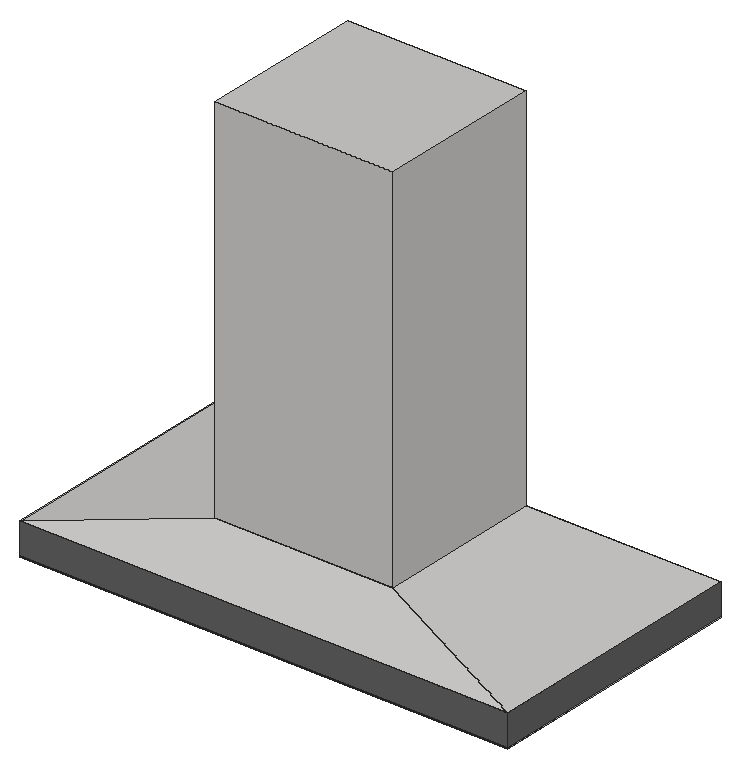
Revit family "P190780JX-165c_JXI8536HS_StainlessSteel_JA_Cooking_Ventilation", category Specialty Equipment, Revit 2022
Family settings
  Round Connector Dimension = Use Diameter
  Part Type = Normal
  Work Plane-Based = No
  Always vertical = Yes
  Cut with Voids When Loaded = No
  Maintain Annotation Orientation = No
  Shared = No
  Room Calculation Point = No
Parameters (values of type "JXI8536HS")
  Width = 36"
  Voltage = 0 V
  URL = ""
  Model = "JXI8536HS"
  Feature 3 = "Perimetric Extraction\r\nPerimetric Extraction"
  Feature 2 = "600 CFM Blower\r\nVentilateur de 600 pi³/min"
  Feature 1 = "78,000 BTU Rating\r\nPuissance de 78 000 BTU"
  Family Name = "ISLAND HOODS - 36\""
  Energy Guide = ""
  Manufacturer = "Jenn Air"
  Keynote = ""
  Installation-Fabrication = "http://access.whirlpool.com/mr/getMediaType.do?mediaType=Installation Instruction&sku=JXI8536HS&language=EN\r\nhttp://access.whirlpool.com/mr/getMediaType.do?mediaType=Installation Instruction&sku=JXI8536HS&language=EN"
  Height = 5"
  Drawn By = ""
  Dimension Guide = ""
  Description = "Lustre Stainless 36\" Pyramid Style Island Mount Canopy Hood\r\nHotte de style pyramidal montée sur îlot en acier lustré, 36 po"
  Depth = 19 11/16"
  Default Elevation = 0"
  Copyright = ""
  Body Material = ARCAT - Metal - Steel - Stainless
  Assembly Code = ""
  Amps = 0 A
  Accent Material = ARCAT - Metal - Steel - Gray
Reference planes (in)
  plane 1 "Center (Front/Back)": y = 0
  plane 2: z = 0
  plane 3 "Center (Left/Right)": x = 0
  plane 4: x = -18
  plane 5: x = 18
  plane 6: y = -19.6875
  plane 7: z = 5
Forms (in)
  Extrusion 1, solid, material "ARCAT - Metal - Steel - Stainless" <- "Body Material"
    sketch origin (-1.9375, -3.1, 3.875) x (0, 0, -1) y (-1, 0, 0)
      loop
        circle (1.9375, -4.5625) r 0.25
    from 0 to 0.03125
  Extrusion 2, solid, material "ARCAT - Metal - Steel - Stainless" <- "Body Material"
    sketch origin (65.34541, 0, 5.0625) x (1, 0, 0) y (0, 1, 0)
      loop
        line (-71.93916, -3.71875) -> (-71.93916, -15.96875) -> (-58.75166, -15.96875) -> (-58.75166, -3.71875) -> (-71.93916, -3.71875)
      loop
        line (-71.68916, -3.96875) -> (-71.68916, -15.71875) -> (-59.00166, -15.71875) -> (-59.00166, -3.96875) -> (-71.68916, -3.96875)
    from -0.0625 to 27.1875
  Extrusion 3, solid, material "ARCAT - Metal - Steel - Stainless" <- "Body Material"
    sketch origin (0, 0, 0) x (1, 0, 0) y (0, 1, 0)
      loop
        line (18, 0) -> (-18, 0) -> (-18, -19.6875) -> (18, -19.6875) -> (18, 0)
      loop
        line (-17, -1) -> (-17, -18.6875) -> (17, -18.6875) -> (17, -1) -> (-17, -1)
    from 0 to 0.0625
  Extrusion 4, solid, material "ARCAT - Metal - Steel - Gray" <- "Accent Material"
    sketch origin (-1.83203, 1.52344, 0) x (-1, 0, 0) y (0, -1, 0)
      loop
        line (-12.51908, 18.23762) -> (-14.51908, 18.23762) -> (-14.51908, 17.63762) -> (-12.51908, 17.63762) -> (-12.51908, 18.23762)
      loop
        line (8.91752, 18.23762) -> (8.91752, 17.63762) -> (10.91752, 17.63762) -> (10.91752, 18.23762) -> (8.91752, 18.23762)
      loop
        line (8.84721, 18.30793) -> (8.84721, 17.56731) -> (10.98783, 17.56731) -> (10.98783, 18.30793) -> (8.84721, 18.30793)
      loop
        line (-12.44877, 18.30793) -> (-14.5894, 18.30793) -> (-14.5894, 17.56731) -> (-12.44877, 17.56731) -> (-12.44877, 18.30793)
    from 0 to -0.03125
  Extrusion 5, solid, material "ARCAT - Metal - Steel - Stainless" <- "Body Material"
    sketch origin (0, 0, 2.375) x (1, 0, 0) y (0, 1, 0)
      loop
        line (-18, 0) -> (-18, -19.6875) -> (18, -19.6875) -> (18, 0) -> (-18, 0)
    from 0 to -0.25
  Extrusion 6, solid, material "ARCAT - Metal - Steel - Stainless" <- "Body Material"
    sketch origin (0, -0.25, 0) x (0, 1, 0) y (1, 0, 0)
      loop
        line (-13.9375, 17.75) -> (-18.4375, 17.75) -> (-18.4375, -17.75) -> (-13.9375, -17.75) -> (-13.9375, 17.75)
      loop
        line (-5.25, 17.75) -> (-5.25, -17.75) -> (-0.75, -17.75) -> (-0.75, 17.75) -> (-5.25, 17.75)
    from -0.0625 to -2.125
  Extrusion 7, solid, material "ARCAT - Metal - Steel - Stainless" <- "Body Material"
    sketch origin (18.22154, 0, 0.12186) x (-1, 0, 0) y (0, 0, 1)
      loop
        circle (18.22154, 0.8806) r 0.25
    from 0 to 0.03125
  Blend 8, solid, material "ARCAT - Metal - Steel - Stainless" <- "Body Material"
    base sketch origin (0, -20, 2.375) x (1, 0, 0) y (0, 1, 0)
      loop
        line (-18, 0.3125) -> (18, 0.3125) -> (18, 20) -> (-18, 20) -> (-18, 0.3125)
    top sketch origin (0, -20, 2.375) x (1, 0, 0) y (0, 1, 0)
      loop
        line (6.59375, 16.28125) -> (-6.59375, 16.28125) -> (-6.59375, 4.03125) -> (6.59375, 4.03125) -> (6.59375, 16.28125)
    from 0 to 2.625
  Extrusion 9, void
    sketch origin (0, 0.25, 0.0625) x (0, 1, 0) y (-1, 0, 0)
      loop
        line (-16.36418, 10.74955) -> (-16.36418, 12.74955) -> (-16.96418, 12.74955) -> (-16.96418, 10.74955) -> (-16.36418, 10.74955)
      loop
        line (-16.36418, -12.68705) -> (-16.36418, -10.68705) -> (-16.96418, -10.68705) -> (-16.96418, -12.68705) -> (-16.36418, -12.68705)
    from 0 to 0.14678
  Extrusion 10, solid, material "ARCAT - Metal - Steel - Stainless" <- "Body Material"
    sketch origin (0, 0, 0.0625) x (1, 0, 0) y (0, 1, 0)
      loop
        line (-18, -19.6875) -> (18, -19.6875) -> (18, 0) -> (-18, 0) -> (-18, -19.6875)
      loop
        line (-17.75, -19.4375) -> (17.75, -19.4375) -> (17.75, -0.25) -> (-17.75, -0.25) -> (-17.75, -19.4375)
    from 0 to 2.0625
  Extrusion 11, solid, material "ARCAT - Metal - Steel - Gray" <- "Accent Material"
    sketch origin (0, -0.25, 0.0625) x (-1, 0, 0) y (0, 1, 0)
      loop
        line (16.30078, -13.23828) -> (16.30078, -5.94922) -> (-16.30078, -5.94922) -> (-16.30078, -13.23828) -> (16.30078, -13.23828)
    from 0 to -0.25
  Extrusion 12, solid, material "ARCAT - Metal - Steel - Gray" <- "Accent Material"
    sketch origin (-17.75, -0.1875, 0.0625) x (0, -1, 0) y (0, 0, -1)
      loop
        circle (12.29996, -1.02685) r 0.13038
      loop
        circle (5.63754, -1.02685) r 0.13038
    from 0 to 0.03125
  Extrusion 13, solid, material "ARCAT - Metal - Steel - Gray" <- "Accent Material"
    sketch origin (-1.83203, -21.21094, 0) x (-1, 0, 0) y (0, -1, 0)
      loop
        line (-12.51908, -18.23762) -> (-12.51908, -17.63762) -> (-14.51908, -17.63762) -> (-14.51908, -18.23762) -> (-12.51908, -18.23762)
      loop
        line (8.91752, -18.23762) -> (10.91752, -18.23762) -> (10.91752, -17.63762) -> (8.91752, -17.63762) -> (8.91752, -18.23762)
      loop
        line (8.84721, -18.30793) -> (10.98783, -18.30793) -> (10.98783, -17.56731) -> (8.84721, -17.56731) -> (8.84721, -18.30793)
      loop
        line (-12.44877, -18.30793) -> (-12.44877, -17.56731) -> (-14.5894, -17.56731) -> (-14.5894, -18.30793) -> (-12.44877, -18.30793)
    from 0 to -0.03125
  Extrusion 14, void
    sketch origin (0, -19.9375, 0.0625) x (0, -1, 0) y (1, 0, 0)
      loop
        line (-16.36418, -10.74955) -> (-16.96418, -10.74955) -> (-16.96418, -12.74955) -> (-16.36418, -12.74955) -> (-16.36418, -10.74955)
      loop
        line (-16.36418, 12.68705) -> (-16.96418, 12.68705) -> (-16.96418, 10.68705) -> (-16.36418, 10.68705) -> (-16.36418, 12.68705)
    from 0 to 0.14678
  Extrusion 15, solid, material "ARCAT - Metal - Steel - Gray" <- "Accent Material"
    sketch origin (17.75, -19.625, -0.03125) x (0, 1, 0) y (0, 0, -1)
      loop
        circle (7.13754, -1.1206) r 0.13038
      loop
        circle (13.79996, -1.1206) r 0.13038
    from 0 to 0.03125
  Extrusion 16, solid, material "ARCAT - Metal - Steel - Stainless" <- "Body Material"
    sketch origin (65.34541, 0, 32.25) x (1, 0, 0) y (0, 1, 0)
      loop
        line (-71.93916, -3.71875) -> (-71.93916, -15.96875) -> (-58.75166, -15.96875) -> (-58.75166, -3.71875) -> (-71.93916, -3.71875)
    from 0 to 0.25
Cuts and joins
  Extrusion 14 cuts Extrusion 5
  Extrusion 9, Extrusion 14 cuts Extrusion 6
  Extrusion 14 cuts Extrusion 10
  joined: Extrusion 5, Extrusion 6, Extrusion 10
  joined: Extrusion 2, Extrusion 16
Lines and regions (in)
  symbolic lines, style "SpecialityEquipment"
    curve 1: line (-18, 0, 0) -> (18, 0, 0)
    curve 2: line (-18, -19.6875, 0) -> (-18, 0, 0)
    curve 3: line (18, -19.6875, 0) -> (-18, -19.6875, 0)
    curve 4: line (18, 0, 0) -> (18, -19.6875, 0)
    curve 5: line (-6.59375, -3.71875, 26) -> (6.59375, -3.71875, 26)
    curve 6: line (-6.59375, -15.96875, 26) -> (-6.59375, -3.71875, 26)
    curve 7: line (6.59375, -15.96875, 26) -> (-6.59375, -15.96875, 26)
    curve 8: line (6.59375, -3.71875, 26) -> (6.59375, -15.96875, 26)
  model lines, style "Display button"
    curve 9: line (-0.90625, -19.6875, 1.47891) -> (-0.14967, -19.6875, 1.47891)
    curve 10: line (-0.90625, -19.6875, 0.98552) -> (-0.90625, -19.6875, 1.47891)
    curve 11: line (-0.14967, -19.6875, 0.98552) -> (-0.90625, -19.6875, 0.98552)
    curve 12: line (-0.14967, -19.6875, 1.47891) -> (-0.14967, -19.6875, 0.98552)
    curve 13: line (-1.92746, -19.6875, 1.47891) -> (-1.17087, -19.6875, 1.47891)
    curve 14: line (-1.92746, -19.6875, 0.98552) -> (-1.92746, -19.6875, 1.47891)
    curve 15: line (-1.17087, -19.6875, 0.98552) -> (-1.92746, -19.6875, 0.98552)
    curve 16: line (-1.17087, -19.6875, 1.47891) -> (-1.17087, -19.6875, 0.98552)
    curve 17: line (-2.94866, -19.6875, 1.47891) -> (-2.19208, -19.6875, 1.47891)
    curve 18: line (-2.94866, -19.6875, 0.98552) -> (-2.94866, -19.6875, 1.47891)
    curve 19: line (-2.19208, -19.6875, 0.98552) -> (-2.94866, -19.6875, 0.98552)
    curve 20: line (-2.19208, -19.6875, 1.47891) -> (-2.19208, -19.6875, 0.98552)
    curve 21: line (0.90625, -19.6875, 1.47891) -> (0.14967, -19.6875, 1.47891)
    curve 22: line (0.90625, -19.6875, 0.98552) -> (0.90625, -19.6875, 1.47891)
    curve 23: line (0.14967, -19.6875, 0.98552) -> (0.90625, -19.6875, 0.98552)
    curve 24: line (0.14967, -19.6875, 1.47891) -> (0.14967, -19.6875, 0.98552)
    curve 25: line (1.92746, -19.6875, 1.47891) -> (1.17087, -19.6875, 1.47891)
    curve 26: line (1.92746, -19.6875, 0.98552) -> (1.92746, -19.6875, 1.47891)
    curve 27: line (1.17087, -19.6875, 0.98552) -> (1.92746, -19.6875, 0.98552)
    curve 28: line (1.17087, -19.6875, 1.47891) -> (1.17087, -19.6875, 0.98552)
    curve 29: line (2.94866, -19.6875, 1.47891) -> (2.19208, -19.6875, 1.47891)
    curve 30: line (2.94866, -19.6875, 0.98552) -> (2.94866, -19.6875, 1.47891)
    curve 31: line (2.19208, -19.6875, 0.98552) -> (2.94866, -19.6875, 0.98552)
    curve 32: line (2.19208, -19.6875, 1.47891) -> (2.19208, -19.6875, 0.98552)
Dimensions and locks (in)
  "Depth": plane 6 to plane 1 "Center (Front/Back)"
  "Width": plane 4 to plane 5
  equal spacing: plane 4, plane 3 "Center (Left/Right)", plane 5
  "Height": plane 7 to plane 2
  aligned and locked: plane 2 to level
Automatic sketch dimensions
  level to Extrusion 1 sketch curve = 1 15/16"
  plane 3 "Center (Left/Right)" to Extrusion 1 sketch curve = 2 5/8"
  curve 3 to plane 4 = 0"
  curve 3 to plane 5 = 0"
  plane 6 to curve 3 = 0"
  plane 1 "Center (Front/Back)" to curve 2 = 0"
  plane 1 "Center (Front/Back)" to Extrusion 3 sketch curve = 0"
  Extrusion 3 sketch curve to plane 4 = 0"
  Extrusion 3 sketch curve to plane 5 = 0"
  plane 6 to Extrusion 3 sketch curve = 0"
  plane 4 to Extrusion 3 sketch curve = 1"
  Extrusion 3 sketch curve to plane 5 = 1"
  Extrusion 3 sketch curve to plane 6 = 1"
  plane 1 "Center (Front/Back)" to Extrusion 3 sketch curve = 1"
  Extrusion 4 sketch curve to plane 5 = 5.24264"
  Extrusion 4 sketch curve to Extrusion 4 sketch curve = 9/128"  (x8)
  Extrusion 4 sketch curve to Extrusion 4 sketch curve = 2"  (x2)
  Extrusion 4 sketch curve to plane 6 = 2.90301"  (x2)
  plane 4 to Extrusion 4 sketch curve = 7.32076"
  Extrusion 4 sketch curve to Extrusion 4 sketch curve = 0.6"  (x2)
  Extrusion 5 sketch curve to plane 4 = 0"
  Extrusion 5 sketch curve to plane 5 = 0"
  plane 6 to Extrusion 5 sketch curve = 0"
  plane 1 "Center (Front/Back)" to Extrusion 5 sketch curve = 0"
  Extrusion 6 sketch curve to plane 5 = 1/4"  (x2)
  Extrusion 6 sketch curve to plane 6 = 1"
  Extrusion 6 sketch curve to Extrusion 6 sketch curve = 4 1/2"
  plane 1 "Center (Front/Back)" to Extrusion 6 sketch curve = 5 1/2"
  plane 1 "Center (Front/Back)" to Extrusion 6 sketch curve = 1"
  plane 4 to Extrusion 6 sketch curve = 1/4"  (x2)
  curve 17 to Extrusion 3 = 1.41641"
  Extrusion 3 to curve 17 = 15.05134"
  curve 18 to curve 20 = 0.75658"
  curve 17 to curve 13 = 0.26462"
  curve 13 to curve 13 = 0.75658"
  curve 13 to curve 10 = 0.26462"
  curve 9 to curve 12 = 0.75658"
  curve 9 to curve 24 = 0.29933"
  curve 23 to curve 23 = 0.75658"
  curve 21 to curve 25 = 0.26462"
  curve 27 to curve 27 = 0.75658"
  curve 26 to curve 32 = 0.26462"
  curve 31 to curve 31 = 0.75658"
  curve 21 to Extrusion 3 = 1.41641"
  curve 31 to Extrusion 3 = 0.92302"
  curve 20 to curve 17 = 0.49339"
  curve 22 to curve 21 = 0.49339"
  curve 16 to Extrusion 3 = 0.92302"
  curve 26 to curve 31 = 0"
  curve 12 to curve 23 = 0"
  curve 15 to curve 16 = 0.49339"
  curve 26 to curve 25 = 0.49339"
  curve 12 to curve 21 = 0"
  curve 30 to curve 29 = 0.49339"
  Extrusion 7 sketch curve to plane 3 "Center (Left/Right)" = 0"
  level to Extrusion 7 sketch curve = 1.00246"
  Blend 8 sketch curve to Extrusion 5 = 0"  (x3)
  Extrusion 5 to Blend 8 sketch curve = 0"
  Extrusion 6 to Extrusion 9 sketch curve = 1.97332"  (x2)
  Extrusion 9 sketch curve to Extrusion 9 sketch curve = 0.6"  (x2)
  Extrusion 6 to Extrusion 9 sketch curve = 5.06295"
  Extrusion 9 sketch curve to Extrusion 9 sketch curve = 2"  (x2)
  Extrusion 6 to Extrusion 9 sketch curve = 7.00045"
  Extrusion 10 sketch curve to Extrusion 3 = 0"  (x3)
  Extrusion 3 to Extrusion 10 sketch curve = 0"
  Extrusion 10 sketch curve to Extrusion 3 = 1/4"  (x4)
  Extrusion 11 sketch curve to Extrusion 6 = 179/256"  (x2)
  Extrusion 6 to Extrusion 11 sketch curve = 1 115/256"  (x2)
  Extrusion 10 to Extrusion 12 sketch curve = 1.02685"  (x2)
  Extrusion 12 sketch curve to Extrusion 10 = 5.57504"
  Extrusion 12 sketch curve to Extrusion 12 sketch curve = 6.66241"
  Extrusion 13 sketch curve to plane 5 = 5.24264"
  Extrusion 13 sketch curve to Extrusion 13 sketch curve = 9/128"  (x8)
  Extrusion 13 sketch curve to Extrusion 13 sketch curve = 2"  (x2)
  plane 1 "Center (Front/Back)" to Extrusion 13 sketch curve = 2.90301"  (x2)
  plane 4 to Extrusion 13 sketch curve = 7.32076"
  Extrusion 13 sketch curve to Extrusion 13 sketch curve = 0.6"  (x2)
  Extrusion 6 to Extrusion 14 sketch curve = 1.97332"  (x2)
  Extrusion 14 sketch curve to Extrusion 14 sketch curve = 0.6"  (x2)
  Extrusion 6 to Extrusion 14 sketch curve = 5.00045"
  Extrusion 14 sketch curve to Extrusion 14 sketch curve = 2"  (x2)
  Extrusion 6 to Extrusion 14 sketch curve = 7.06295"
  level to Extrusion 15 sketch curve = 1.08935"  (x2)
  Extrusion 15 sketch curve to plane 6 = 7.20004"
  plane 1 "Center (Front/Back)" to Extrusion 15 sketch curve = 5.82504"
  Extrusion 2 sketch curve to plane 3 "Center (Left/Right)" = 6 19/32"
  Extrusion 2 sketch curve to Extrusion 2 sketch curve = 1/4"  (x4)
  plane 3 "Center (Left/Right)" to Extrusion 2 sketch curve = 6 11/32"
  Extrusion 2 sketch curve to plane 6 = 3 23/32"
  plane 1 "Center (Front/Back)" to Extrusion 2 sketch curve = 3 31/32"
  Blend 8 sketch curve to Extrusion 5 = 3 23/32"  (x2)
  Blend 8 sketch curve to Extrusion 5 = 11 13/32"  (x2)
  Extrusion 16 sketch curve to plane 3 "Center (Left/Right)" = 6 19/32"
  plane 3 "Center (Left/Right)" to Extrusion 16 sketch curve = 6 19/32"
  Extrusion 16 sketch curve to plane 6 = 3 23/32"
  plane 1 "Center (Front/Back)" to Extrusion 16 sketch curve = 3 23/32"
  curve 7 to plane 3 "Center (Left/Right)" = 6 19/32"
  plane 3 "Center (Left/Right)" to curve 7 = 6 19/32"
  curve 7 to plane 6 = 3 23/32"
  plane 1 "Center (Front/Back)" to curve 6 = 3 23/32"
  radius of Extrusion 1 sketch curve = 1/4"
  radius of Extrusion 7 sketch curve = 1/4"
  radius of Extrusion 12 sketch curve = 0.13038"  (x2)
  radius of Extrusion 15 sketch curve = 0.13038"  (x2)
Nested families (in)
  nested 1: "Jenn Air Logo Plan" at (0, -16.6875, 0), type "Jenn Air Logo Plan"
Connectors (in)
  electrical at (0, 0.03125, 1.00246), driven by "Voltage"
    settings: on Extrusion 7, index 1, voltage 0 V, apparent load 0 VA, apparent load phase1 0 VA, apparent load phase2 0 VA, apparent load phase3 0 VA, power factor 1, load classification "Other", number of poles 1, system type 30, power factor state 1, is connector primary yes, connector utility no, sub classification motor no, connector description "Electrical Connection"
Definition of nested family "Jenn Air Logo Plan"
  Parameters (values of type "Jenn Air Logo Plan")
    Logo Material = none
    Default Elevation = 0"
  Reference planes (in)
    plane 1 "Center (Front/Back)": y = 0
    plane 2: z = 0
    plane 3 "Center (Left/Right)": x = 0
  Forms (in)
    Blend 1, solid, material <- "Logo Material"
      base sketch origin (-0.08356, 0.0625, 0) x (1, 0, 0) y (0, 1, 0)
        loop
          arc (0.02489, -0.57039) -> (0.05225, -0.57583) -> (0.06775, -0.55264) r 0.0251
          line (0.06775, -0.55264) -> (0.06775, -0.33378)
          arc (0.06775, -0.33378) -> (0.08904, -0.31248) -> (0.11034, -0.33378) r 0.0213
          line (0.11034, -0.33378) -> (0.11034, -0.91594)
          arc (0.11034, -0.91594) -> (0.12847, -0.94282) -> (0.16018, -0.93608) r 0.02899
          line (0.16018, -0.93608) -> (0.39157, -0.69647)
          arc (0.39157, -0.69647) -> (0.41329, -0.66302) -> (0.4209, -0.62388) r 0.1045
          line (0.4209, -0.62388) -> (0.4209, -0.14513)
          arc (0.4209, -0.14513) -> (0.39669, -0.0867) -> (0.33826, -0.0625) r 0.08263
          line (0.33826, -0.0625) -> (-0.17115, -0.0625)
          arc (-0.17115, -0.0625) -> (-0.22734, -0.08578) -> (-0.25062, -0.14197) r 0.07947
          line (-0.25062, -0.14197) -> (-0.25062, -0.25362)
          arc (-0.25062, -0.25362) -> (-0.24304, -0.29174) -> (-0.22144, -0.32405) r 0.09961
          line (-0.22144, -0.32405) -> (0.02489, -0.57039)
      top sketch origin (-0.08356, 0.0625, 0) x (1, 0, 0) y (0, 1, 0)
        loop
          line (0.12994, -0.32432) -> (0.12994, -0.82221)
          arc (0.12994, -0.82221) -> (0.14418, -0.84435) -> (0.17024, -0.84058) r 0.02433
          line (0.17024, -0.84058) -> (0.3674, -0.66918)
          arc (0.3674, -0.66918) -> (0.3893, -0.63986) -> (0.39707, -0.60409) r 0.08625
          line (0.39707, -0.60409) -> (0.39707, -0.13782)
          arc (0.39707, -0.13782) -> (0.37938, -0.09511) -> (0.33667, -0.07742) r 0.0604
          line (0.33667, -0.07742) -> (-0.18298, -0.07742)
          arc (-0.18298, -0.07742) -> (-0.21726, -0.09162) -> (-0.23146, -0.12591) r 0.04849
          line (-0.23146, -0.12591) -> (-0.23146, -0.24703)
          arc (-0.23146, -0.24703) -> (-0.22551, -0.27447) -> (-0.20871, -0.29696) r 0.06617
          line (-0.20871, -0.29696) -> (-0.00152, -0.47707)
          arc (-0.00152, -0.47707) -> (0.02729, -0.48124) -> (0.04304, -0.45676) r 0.02691
          line (0.04304, -0.45676) -> (0.04304, -0.32432)
          arc (0.04304, -0.32432) -> (0.08649, -0.28087) -> (0.12994, -0.32432) r 0.04345
      from 0 to -0.03125
  Dimensions and locks (in)
    aligned and locked: plane 2 to level
